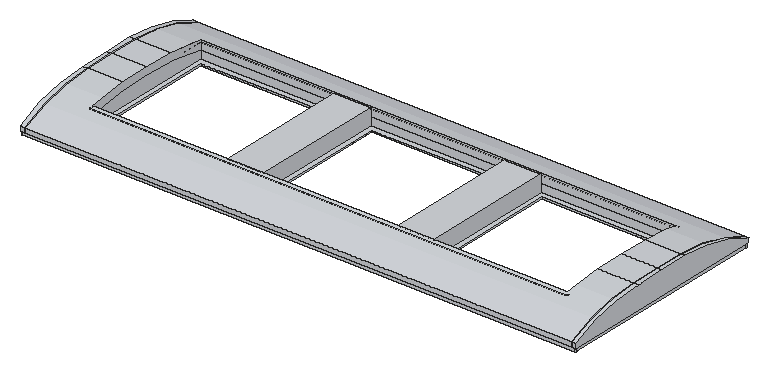
Revit family "Gira_0213328", category Electrical Fixtures, host Face, Revit 2017
Family settings
  Host = Face
  Maintain Annotation Orientation = No
  Round Connector Dimension = Use Diameter
  Part Type = Normal
  Cut with Voids When Loaded = No
  Shared = No
  Room Calculation Point = No
Parameters (values of type "Abdeckrahmen 3f Zwischenr. RW Gira Event Anthrazit")
  Werkstoffgüte = "Thermoplast"
  Werkstoff = "Kunststoff"
  URL = "http://katalog.gira.de/de_DE/datenblatt.html?artikelnr=0213328"
  Transparent = "No"
  Textfeld/Beschriftungsfläche = "No"
  Schutzart (IP) = "IP20"
  Region = "DE"
  Oberfläche = "sonstige"
  Name = "Abdeckrahmen 3f Zwischenr. RW Gira Event Anthrazit"
  Montagerichtung = "horizontal und vertikal"
  Mit Montagerahmen = "No"
  Mit Klappdeckel = "No"
  Manufacturer URL = "https://www.gira.de/"
  Keynote = "Event_Rahmen_3fach"
  HeinzeBIM = "https://bimportal.heinze.de/bim/abdeckrahmen-3f-zwischenr-rw-gira-event-anthrazit/c6feddadeafb00193f78258971bdab70ee61df2b"
  Halogenfrei = "Yes"
  HAN = "0213328"
  Geeignet für Unterputz-Installation = "Yes"
  Geeignet für Unterflurkanaldose = "No"
  Geeignet für Geräteeinbaukanal = "No"
  Geeignet für Einbauinstallation = "No"
  GTIN = "4010337074243"
  Farbe = "anthrazit"
  Default Elevation = 1219.2 mm
  Data sheet (1) = "https://katalog.gira.de/de_DE/download.html?artikelnr=0213328"
  Category = "Abdeckrahmen"
  Befestigungsart = "Klemmbefestigung"
  Available = "Yes"
  Anzahl der Einheiten vertikal = "3 "
  Anzahl der Einheiten horizontal = "3 "
  Anzahl der Einheiten = "3 "
Reference planes
  plane 1 "Center (Front/Back)": y = 0
  plane 2: z = 0
  plane 3 "Center (Left/Right)": x = 0
Forms (mm)
  Extrusion 1, solid, detail levels fine
    sketch origin (0, 0, 0.05) x (0, 1, 0) y (0, 0, 1)
      loop
        arc (12.445, 9.683) -> (6.223, 9.833) -> (0, 9.85) r 291.636
        arc (0, 9.85) -> (-6.223, 9.833) -> (-12.445, 9.683) r 291.636
        arc (-12.445, 9.683) -> (-29.14, 7.482) -> (-45, 1.823) r 79.728
        line (-45, 1.823) -> (-45, -0.05) -> (-42.086, -0.05)
        arc (-42.086, -0.05) -> (-21.385, 5.559) -> (0, 7.206) r 114.424
        arc (0, 7.206) -> (21.385, 5.559) -> (42.086, -0.05) r 114.424
        line (42.086, -0.05) -> (45, -0.05) -> (45, 1.823)
        arc (45, 1.823) -> (29.14, 7.482) -> (12.445, 9.683) r 79.728
    from -114.3 to 114.3
  Extrusion 2, void, detail levels fine
    sketch origin (0, 0, 0) x (1, 0, 0) y (0, 1, 0)
      loop
        line (-99.355, -28.053) -> (99.355, -28.053) -> (99.355, 28.053) -> (-99.355, 28.053) -> (-99.355, -28.053)
    from 0.724 to 11
  Extrusion 3, solid, detail levels coarse
    sketch origin (0, 0, 0) x (1, 0, 0) y (0, 1, 0)
      loop
        line (-116.3, 45) -> (-116.3, -45) -> (116.3, -45) -> (116.3, 45) -> (-116.3, 45)
    from -1.5 to 9.9
  Extrusion 4, solid, detail levels medium
    sketch origin (0, 0, 0.05) x (0, 1, 0) y (0, 0, 1)
      loop
        arc (12.445, 9.683) -> (6.223, 9.833) -> (0, 9.85) r 291.636
        arc (0, 9.85) -> (-6.223, 9.833) -> (-12.445, 9.683) r 291.636
        arc (-12.445, 9.683) -> (-29.14, 7.482) -> (-45, 1.823) r 79.728
        line (-45, 1.823) -> (-45, -0.05) -> (45, -0.05) -> (45, 1.823)
        arc (45, 1.823) -> (29.14, 7.482) -> (12.445, 9.683) r 79.728
    from -116.3 to 116.3
  Extrusion 5, solid, detail levels fine
    sketch origin (-71.3, 0, -1.5) x (0, 1, 0) y (0, 0, -1)
      loop
        line (45, -3.373) -> (45, -1.5) -> (-45, -1.5) -> (-45, -3.373)
        arc (-45, -3.373) -> (-29.14, -9.032) -> (-12.445, -11.233) r 79.728
        arc (-12.445, -11.233) -> (-6.223, -11.383) -> (0, -11.4) r 291.636
        arc (0, -11.4) -> (6.223, -11.383) -> (12.445, -11.233) r 291.636
        arc (12.445, -11.233) -> (29.14, -9.032) -> (45, -3.373) r 79.728
    from 43 to 45
  Extrusion 6, solid, detail levels fine
    sketch origin (0, 0, 0) x (1, 0, 0) y (0, 1, 0)
      loop
        line (-97.195, 25.7) -> (-97.195, -25.7) -> (-45.395, -25.7) -> (-45.395, 25.7) -> (-97.195, 25.7)
      loop
        line (25.9, -25.7) -> (25.9, 25.7) -> (-25.9, 25.7) -> (-25.9, -25.7) -> (25.9, -25.7)
      loop
        line (-100.19, 28.49) -> (-100.19, -28.495)
        spline (-100.19, -28.495) -> (-100.181, -28.625) -> (-100.156, -28.754) -> (-100.113, -28.878) -> (-100.056, -28.995) -> (-99.983, -29.104) -> (-99.897, -29.202) -> (-99.798, -29.288) -> (-99.69, -29.361) -> (-99.572, -29.419) -> (-99.448, -29.461) -> (-99.32, -29.486) -> (-99.19, -29.495)
        line (-99.19, -29.495) -> (99.195, -29.495)
        spline (99.195, -29.495) -> (99.325, -29.486) -> (99.454, -29.461) -> (99.578, -29.419) -> (99.695, -29.361) -> (99.804, -29.288) -> (99.902, -29.202) -> (99.988, -29.104) -> (100.061, -28.995) -> (100.119, -28.878) -> (100.161, -28.754) -> (100.186, -28.625) -> (100.195, -28.495)
        line (100.195, -28.495) -> (100.195, 28.49)
        spline (100.195, 28.49) -> (100.186, 28.62) -> (100.161, 28.748) -> (100.119, 28.872) -> (100.061, 28.99) -> (99.988, 29.098) -> (99.902, 29.197) -> (99.804, 29.283) -> (99.695, 29.356) -> (99.578, 29.413) -> (99.454, 29.456) -> (99.325, 29.481) -> (99.195, 29.49)
        line (99.195, 29.49) -> (-99.19, 29.49)
        spline (-99.19, 29.49) -> (-99.32, 29.481) -> (-99.448, 29.456) -> (-99.572, 29.413) -> (-99.69, 29.356) -> (-99.798, 29.283) -> (-99.897, 29.197) -> (-99.983, 29.098) -> (-100.056, 28.99) -> (-100.113, 28.872) -> (-100.156, 28.748) -> (-100.181, 28.62) -> (-100.19, 28.49)
      loop
        line (97.2, -25.7) -> (97.2, 25.7) -> (45.4, 25.7) -> (45.4, -25.7) -> (97.2, -25.7)
    from 0.1 to 7.3
  Extrusion 7, solid
    sketch origin (0, 0, 0) x (1, 0, 0) y (0, 1, 0)
      loop
        arc (-116, -44.2) -> (-115.854, -44.554) -> (-115.5, -44.7) r 0.5
        line (-115.5, -44.7) -> (115.5, -44.7)
        arc (115.5, -44.7) -> (115.854, -44.554) -> (116, -44.2) r 0.5
        line (116, -44.2) -> (116, 44.2)
        arc (116, 44.2) -> (115.854, 44.554) -> (115.5, 44.7) r 0.5
        line (115.5, 44.7) -> (-115.5, 44.7)
        arc (-115.5, 44.7) -> (-115.854, 44.554) -> (-116, 44.2) r 0.5
        line (-116, 44.2) -> (-116, -44.2)
      loop
        line (-114.3, 43) -> (-114.3, -43) -> (114.3, -43) -> (114.3, 43) -> (-114.3, 43)
    from -1.5 to 0.5
  Extrusion 8, solid, detail levels fine
    sketch origin (71.3, 0, -1.5) x (0, 1, 0) y (0, 0, 1)
      loop
        arc (45, 3.373) -> (29.14, 9.032) -> (12.445, 11.233) r 79.728
        arc (12.445, 11.233) -> (6.223, 11.383) -> (0, 11.4) r 291.636
        arc (0, 11.4) -> (-6.223, 11.383) -> (-12.445, 11.233) r 291.636
        arc (-12.445, 11.233) -> (-29.14, 9.032) -> (-45, 3.373) r 79.728
        line (-45, 3.373) -> (-45, 1.5) -> (45, 1.5) -> (45, 3.373)
    from 43 to 45
  Extrusion 9, solid, detail levels medium
    sketch origin (0, 0, 0) x (1, 0, 0) y (0, 1, 0)
      loop
        line (-116, -44.7) -> (116, -44.7) -> (116, 44.7) -> (-116, 44.7) -> (-116, -44.7)
    from -1.5 to 0.5
  Extrusion 10, solid, detail levels fine
    sketch origin (-34.207, 0, 0) x (1, 0, 0) y (0, 1, 0)
      loop
        line (-8.943, 28.063) -> (-8.943, -27.937) -> (6.057, -27.937) -> (6.057, 28.063) -> (-8.943, 28.063)
    from 0.724 to 7.566
  Extrusion 11, solid, detail levels fine
    sketch origin (34.207, 0, 0) x (-1, 0, 0) y (0, -1, 0)
      loop
        line (-8.943, -28.063) -> (6.057, -28.063) -> (6.057, 27.937) -> (-8.943, 27.937) -> (-8.943, -28.063)
    from 0.724 to 7.566
Cuts and joins
  Extrusion 2 cuts Extrusion 1
  Extrusion 2 cuts Extrusion 6
Dimensions and locks
  aligned and locked: plane 2 to host face
  aligned and locked: level to host face
